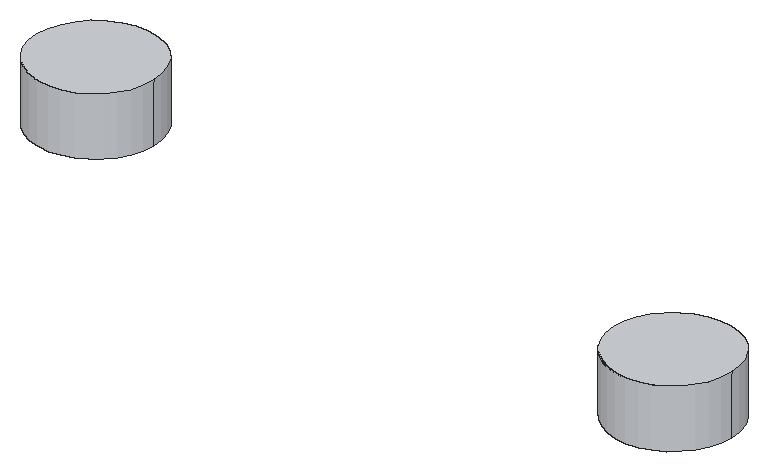
Revit family "MCX-MBX-BIM", category Allgemeines Modell, Revit 2023
Family settings
  Kann Basisbauteil für Bewehrung sein = Nein
  Bemaßung runder Anschluss = Durchmesser verwenden
  Teiletyp = Normal
  Arbeitsebenenbasiert = Nein
  Immer vertikal = Ja
  Beim Laden mit Abzugskörper schneiden = Nein
  Beschriftungsausrichtung beibehalten = Nein
  Gemeinsam genutzt = Nein
  Raumberechnungspunkt = Nein
Parameters (values of type "Norm")
  Vorgabe-Ansicht = 0 mm
  Verbindung_2_Durchmesser = 16.5 mm
  Verbindung_1_Durchmesser = 16.5 mm
Reference planes
  plane 1 "Mitte (Vorne/Hinten)": y = 0
  plane 2: z = 0
  plane 3 "Mitte (Links/Rechts)": x = 0
Forms (mm)
  Extrusion 1, solid
    sketch origin (15, -7.5, 86) x (1, 0, 0) y (0, 1, 0)
      loop
        circle (0, 0) r 3.048
    from 0 to -3.048
  Extrusion 2, solid
    sketch origin (-15, -7.5, 86) x (0, 1, 0) y (1, 0, 0)
      loop
        circle (0, 0) r 3.048
    from 0 to -3.048
Dimensions and locks
  aligned and locked: level to plane 2
Connectors
  piping at (15, -7.5, 86), diameter 16.5, driven by "Verbindung_1_Durchmesser"
    settings: on Extrusion 1, index 1, connector inside diameter 609.6 mm, connector length 0 mm, flow factor 0, pipe flow 0.0 L/s, pressure drop 0.0 Pa, fitting loss kfactor 0, connector angle 0.00°, fixture units 0, engagement length 0 mm, angle of deflection 0.00°, flow configuration 1, flow direction 2, fitting loss method 0, system type 19, joint type 0, gender type 0, connector reference index -1, connector utility 0, adjustable connector no, is connector primary yes, connector description ""
  piping at (-15, -7.5, 86), diameter 16.5, driven by "Verbindung_2_Durchmesser"
    settings: on Extrusion 2, index 2, connector inside diameter 609.6 mm, connector length 0 mm, flow factor 0, pipe flow 0.0 L/s, pressure drop 0.0 Pa, fitting loss kfactor 0, connector angle 0.00°, fixture units 0, engagement length 0 mm, angle of deflection 0.00°, flow configuration 1, flow direction 1, fitting loss method 0, system type 20, joint type 0, gender type 0, connector reference index -1, connector utility 0, adjustable connector no, is connector primary no, connector description ""
